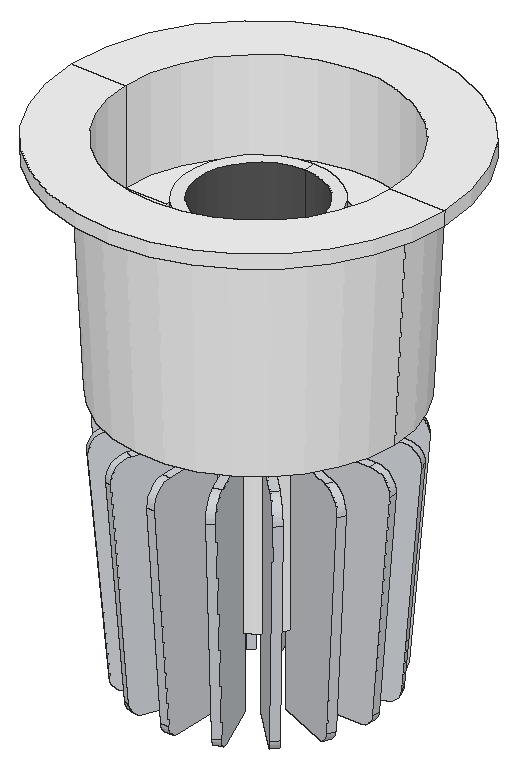
Revit family "2056212 Feilo Sylvania Lighting Fixture MYD ADJ WHT 4K PHDIM WHT BEZ", category Lighting Fixtures, host Face, Revit 2017
Family settings
  Host = Face
  Round Connector Dimension = Use Diameter
  Part Type = Normal
  OmniClass Number = 23.80.70.00
  OmniClass Title = Lighting
  Cut with Voids When Loaded = Yes
  Light Source = No
  Shared = No
  Room Calculation Point = No
Parameters
  Weight = "0.39 kg"
  Wattage Comments = "n/a"
  WarrantyStartDate [instance] = "n/a"
  WarrantyGuarantorParts = "n/a"
  WarrantyDurationUnit = "n/a"
  WarrantyDurationParts = "n/a"
  WarrantyDescription = "n/a"
  Voltage = 230 V
  VerticalTiltStart_FEILO [instance] = VerticalTilt_FEILO + 90.00°  # 90.00°
  VerticalTilt_FEILO [instance] = 0.00°
  URL = "http://www.sylvania-lighting.com"
  TypeName = "MYRIDSQ IP65 FLD 3K STD"
  Type Image = <None>
  Type Comments = "n/a"
  SphereRadius_FEILO = 27.4 mm
  SerialNumber [instance] = "n/a"
  ReflectorMaterial = Default
  PowerFactor = 0
  PowerConsumption = "10 W"
  NominalLength = 72 mm
  NominalHeight = 64 mm
  NominalDepth = 72 mm
  Name = "MYRIDSQ IP65 FLD 3K STD"
  ModelReference = Name  # "MYRIDSQ IP65 FLD 3K STD"
  ModelNumber = "2056380"
  Model = Name  # "MYRIDSQ IP65 FLD 3K STD"
  Material = "aluminium housing"
  ManufacturerName = "Feilo Sylvania"
  Manufacturer = "Feilo Sylvania"
  LuminousEfficacy = "117 lm/W"
  LuminaireType = ""
  LightOutputRatio = "100"
  LampsType = Lamp  # "LED"
  LampType_FEILO = MyriadAdjustableRoundLamp : 2056212 MYD ADJ WHT 4K PHDIM WHT BEZ
  LampNominalLuminous = "1165 lm"
  LampMacAdamStep = "n/a"
  LampColourTemperature = "3000 K"
  LampColourRenderingIndex = "0"
  Lamp = "LED"
  Keynote = "16500"
  InstallationDate [instance] = "n/a"
  InputVoltage = "230-240V~"
  InputNominalFrequency = "50/60 Hz"
  IngressProtection = "IP65"
  ImpactProtectionIndex = "IK02"
  IfcExportType = "IfcLightFixtureType"
  IfcExportAs = "IfcLightFixtureType"
  HorizontalTilt_FEILO [instance] = 0.00°
  ExpectedLife = 50000
  ElectricShockClassification = "Class II"
  DurationUnit = "hours"
  DocumentationLiterature = "http://www.sylvania-lighting.com/product/en-int/products/2056380"
  DimmingControlOptions = "Non dimmable"
  DiffuserMaterial = Default
  Description = ""
  Default Elevation = 1219.2 mm
  CreatedOn = "11/13/2017"
  CreatedBy = ""
  Cost = 0
  built-in parameter 1114216 [instance] = (empty or 0)
  ClassificationValue = "EF_70_80"
  ClassificationName = "Uniclass2015"
  BodyMaterial = Body-Sylvania-MyriadAdjustableRound-White
  BarCode [instance] = "n/a"
  AssetType = "Fixed"
  AssetIdentifier [instance] = "n/a"
  Assembly Code = "D5020200"
  Apparent Load = 10 VA
  AccessoryMaterial = Body-Sylvania-MyriadAdjustableRound-White
Reference planes
  plane 1 "Center (Front/Back)": y = 0
  plane 2: z = 0
  plane 3 "Center (Left/Right)": x = 0
  plane 4: z = 3.5
  plane 5: x = 38
  plane 6: x = -38
  plane 7: z = -120
  plane 8: x = -48
  plane 9: x = 48
  plane 10: z = -20
  plane 11: z = -55
  plane 12: x = -35
  plane 13: x = 35
  plane 14: x = -34
  plane 15: x = 34
  plane 16: z = -32
  plane 17: x = -25
  plane 18: x = 2.4
Forms (mm)
  Revolve 1, void
    sketch origin (0, 0, 0) x (1, 0, 0) y (0, 0, 1)
      loop
        line (-38, 0) -> (-38, -120) -> (0, -120) -> (0, 0) -> (-38, 0)
      axis (0, 0) -> (0, -120)
    angle from 360 to 0
  Revolve 2, solid, material "Body-Sylvania-MyriadAdjustableRound-White" <- "BodyMaterial"
    sketch origin (0, 0, 0) x (1, 0, 0) y (0, 0, 1)
      loop
        line (-34, -20) -> (-34, 3.5) -> (-48, 3.5) -> (-48, 0) -> (-38, 0) -> (-35, -55) -> (-25, -55) -> (-25, -32)
        arc (-25, -32) -> (-24.299, -25.843) -> (-22.232, -20) r 27.4
        line (-22.232, -20) -> (-34, -20)
      axis (0, 3.5) -> (0, -55)
    angle from 360 to 0
  Revolve 3, solid, not visible
    sketch origin (0, 0, 0) x (1, 0, 0) y (0, 0, 1)
      loop
        line (0, -32) -> (2.4, -32) -> (2.4, -20) -> (0, -20) -> (0, -32)
      axis (0, -20) -> (0, -32)
    angle from 90 <- "VerticalTiltStart_FEILO" to 0 <- "VerticalTilt_FEILO"
Lines and regions (mm)
  reference lines
    curve 1: circle (2.4, 0, -32) r 27.4 normal (0, -1, 0)
Dimensions and locks
  locked: plane 4 to plane 2 at 3.5
  plane 2 to plane 7 = 120 mm
  equal spacing: plane 5, plane 3 "Center (Left/Right)", plane 6
  locked: plane 3 "Center (Left/Right)" to plane 6 at 38
  equal spacing: plane 9, plane 3 "Center (Left/Right)", plane 8
  locked: plane 6 to plane 8 at 10
  locked: plane 2 to plane 10 at 20
  locked: plane 2 to plane 11 at 55
  equal spacing: plane 13, plane 3 "Center (Left/Right)", plane 12
  locked: plane 12 to plane 6 at 3
  equal spacing: plane 15, plane 3 "Center (Left/Right)", plane 14
  locked: plane 3 "Center (Left/Right)" to plane 14 at 34
  locked: plane 3 "Center (Left/Right)" to plane 17 at 25
  locked: plane 18 to plane 17 at 27.4
  locked: plane 10 to plane 16 at 12
  "SphereRadius_FEILO": radius of curve 1
  "SphereRadius_FEILO": radius of Revolve 2 sketch curve
  aligned and locked: plane 2 to host face
  aligned and locked: level to host face
  aligned and locked: Revolve 1 sketch curve to plane 3 "Center (Left/Right)"  (x2)
  aligned and locked: Revolve 1 sketch curve to level
  aligned and locked: plane 6 to Revolve 1 sketch curve
  aligned and locked: Revolve 1 sketch curve to plane 7
  aligned and locked: plane 14 to Revolve 2 sketch curve
  aligned and locked: Revolve 2 sketch curve to plane 4
  aligned and locked: Revolve 2 sketch curve to plane 8
  aligned and locked: Revolve 2 sketch curve to level
  aligned and locked: Revolve 2 sketch curve to plane 3 "Center (Left/Right)"
  aligned and locked: plane 18 to curve 1
  aligned and locked: plane 16 to curve 1
  aligned and locked: plane 10 to Revolve 2 sketch curve
  aligned and locked: plane 11 to Revolve 2 sketch curve
  aligned and locked: Revolve 2 sketch curve to plane 17
  aligned and locked: plane 16 to Revolve 3 sketch curve
  aligned and locked: Revolve 3 sketch curve to plane 3 "Center (Left/Right)"  (x2)
  aligned and locked: Revolve 3 sketch curve to plane 10
  aligned and locked: plane 18 to Revolve 3 sketch curve
  aligned and locked: nested 1 to plane 16
Automatic sketch dimensions
  host sketch curve to host sketch curve = 2438.4 mm  (x2)
  plane 7 to Revolve 1 sketch curve = 489.6 mm
  Revolve 1 sketch curve to plane 4 = 2604.058 mm
  Revolve 2 sketch curve to plane 6 = 0 mm
  Revolve 2 sketch curve to plane 12 = 0 mm
  Revolve 2 sketch curve to plane 16 = 0 mm
  plane 7 to Revolve 2 sketch curve = 489.6 mm
  Revolve 2 sketch curve to plane 4 = 2604.058 mm
  plane 7 to Revolve 3 sketch curve = 489.6 mm
  Revolve 3 sketch curve to plane 4 = 2605.558 mm
Nested families
  nested 1: "rev_horizontal" at (0, 0, -32) x (1, 0, 0) z (0, -1, 0), HorizontalAxis <- "HorizontalTilt_FEILO", type "rev_horizontal", not visible
    with HorizontalAxis 0.00°, EndAngle 90.00°
  nested 2: "MyriadAdjustableRoundLamp" at (0, 0, -32) x (0, -1, 0) z (0, 0, -1), type <- "LampType_FEILO", type "2056212 MYD ADJ WHT 4K PHDIM WHT BEZ"
  nested 3: "Rib" at (0, 0, -10.5) x (0, -1, 0) z (0, 0, -1), type "Rib"
  nested 4: "Rib" at (0, 0, -10.5) x (0.7071, -0.7071, 0) z (0, 0, -1), type "Rib"
  nested 5: "Rib" at (0, 0, -10.5) x (1, 0, 0) z (0, 0, -1), type "Rib"
  nested 6: "Rib" at (0, 0, -10.5) x (0.7071, 0.7071, 0) z (0, 0, -1), type "Rib"
  nested 7: "Rib" at (0, 0, -10.5) x (0, 1, 0) z (0, 0, -1), type "Rib"
  nested 8: "Rib" at (0, 0, -10.5) x (-0.7071, 0.7071, 0) z (0, 0, -1), type "Rib"
  nested 9: "Rib" at (0, 0, -10.5) x (-1, 0, 0) z (0, 0, -1), type "Rib"
  nested 10: "Rib" at (0, 0, -10.5) x (-0.7071, -0.7071, 0) z (0, 0, -1), type "Rib"
  nested 11: "Rib" at (0, 0, -10.5) x (0.3827, -0.9239, 0) z (0, 0, -1), type "Rib"
  nested 12: "Rib" at (0, 0, -10.5) x (0.9239, -0.3827, 0) z (0, 0, -1), type "Rib"
  nested 13: "Rib" at (0, 0, -10.5) x (0.9239, 0.3827, 0) z (0, 0, -1), type "Rib"
  nested 14: "Rib" at (0, 0, -10.5) x (0.3827, 0.9239, 0) z (0, 0, -1), type "Rib"
  nested 15: "Rib" at (0, 0, -10.5) x (-0.3827, 0.9239, 0) z (0, 0, -1), type "Rib"
  nested 16: "Rib" at (0, 0, -10.5) x (-0.9239, 0.3827, 0) z (0, 0, -1), type "Rib"
  nested 17: "Rib" at (0, 0, -10.5) x (-0.9239, -0.3827, 0) z (0, 0, -1), type "Rib"
  nested 18: "Rib" at (0, 0, -10.5) x (-0.3849, -0.923, 0) z (0, 0, -1), type "Rib"
Connectors
  electrical at (0, 0, 0), driven by "Apparent Load", driven by "PowerFactor", driven by "Voltage"
    settings: index 1, voltage 230 V, apparent load 10 VA, apparent load phase1 0 VA, apparent load phase2 0 VA, apparent load phase3 0 VA, power factor 0, load classification "Lighting", number of poles 1, system type 30, power factor state 1, is connector primary yes, connector utility no, sub classification motor no, connector description ""
Definition of nested family "rev_horizontal"
  Parameters (values of type "rev_horizontal")
    URL = "http://www.feilosylvania.com"
    Type Comments = "n/a"
    ReflectorMaterial = none
    Model = "n/a"
    Manufacturer = "Feilo Sylvania"
    Keynote = "n/a"
    HorizontalAxis [instance] = 0.00°
    EndAngle [instance] = HorizontalAxis + 90.00°  # 90.00°
    DiffuserMaterial = none
    Description = "n/a"
    Default Elevation = 1219.2 mm
    Cost = 0
    BodyMaterial = none
    Assembly Code = "n/a"
    AccessoryMaterial = none
  Reference planes
    plane 1 "Center (Front/Back)": y = 0
    plane 2: z = 0
    plane 3 "Center (Left/Right)": x = 0
    plane 4: z = 10
    plane 5: x = -10
    plane 6: x = 10
  Forms (mm)
    Extrusion 1, solid
      sketch origin (-0.8, 0, 0) x (1, 0, 0) y (0, 1, 0)
        loop
          line (-1219.2, 1219.2) -> (-1219.2, -1219.2) -> (1219.2, -1219.2) -> (1219.2, 1219.2) -> (-1219.2, 1219.2)
      from 0 to -304.8
    Revolve 2, solid
      sketch origin (0, 0, 0) x (1, 0, 0) y (0, 0, 1)
        loop
          line (-10, 10) -> (-10, 0) -> (10, 0) -> (10, 10) -> (-10, 10)
        axis (-10, 0) -> (10, 0)
      angle from 0 <- "HorizontalAxis" to 90 <- "EndAngle"
  Dimensions and locks
    plane 4 to plane 2 = 10 mm
    aligned and locked: plane 2 to Extrusion 1
    aligned and locked: level to Extrusion 1
    aligned and locked: Revolve 2 sketch curve to plane 4
    aligned and locked: plane 5 to Revolve 2 sketch curve
    aligned and locked: Extrusion 1 to Revolve 2 sketch curve
    aligned and locked: Revolve 2 sketch curve to plane 2
    aligned and locked: Revolve 2 sketch curve to plane 6
Definition of nested family "MyriadAdjustableRoundLamp"
  Parameters (values of type "2056208 MYD ADJ WHT 3K PHDIM WHT BEZ")
    Wattage = 10 W
    built-in parameter 1150110 = 1 (stored number, unit not read)
    URL = "http://www.feilosylvania.com"
    Type Comments = "n/a"
    built-in parameter 1114217 = 1 (stored number, unit not read)
    Tilt Angle = 90.00°
    built-in parameter 1150109 = 1 (stored number, unit not read)
    built-in parameter 1150134 = (empty or 0)
    built-in parameter 1150113 = 1 (stored number, unit not read)
    ReflectorMaterial = none
    Photometric Web File = "2056208.ies"
    Model = "n/a"
    Manufacturer = "Feilo Sylvania"
    built-in parameter 1150105 = 55.704 (stored number, unit not read)
    Lumens = 700 lm
    built-in parameter 1150115 = 1 (stored number, unit not read)
    built-in parameter 1150137 = (empty or 0)
    built-in parameter 1150139 = (empty or 0)
    built-in parameter 1150112 = 1 (stored number, unit not read)
    built-in parameter 1150114 = 1 (stored number, unit not read)
    Keynote = "n/a"
    built-in parameter 1150132 = (empty or 0)
    built-in parameter 1150102 = (empty or 0)
    built-in parameter 1150107 = 3000 (stored number, unit not read)
    built-in parameter 1150138 = (empty or 0)
    built-in parameter 1150106 = 0.55704 (stored number, unit not read)
    Emit from Circle Diameter = 30 mm
    Emit Shape Visible in Rendering = no
    built-in parameter 1150104 = 6.5032 (stored number, unit not read)
    Dimming Lamp Color Temperature Shift = (empty or 0)
    DiffuserMaterial = none
    Description = "n/a"
    Default Elevation = 1219.2 mm
    Cost = 0
    Color Filter = 16777215
    BodyMaterial = none
    built-in parameter 1114218 = 1 (stored number, unit not read)
    built-in parameter 1150133 = 10 (stored number, unit not read)
    Assembly Code = "n/a"
    AccessoryMaterial = none
  Types (24, lengths in mm): name | Wattage | built-in parameter 1150134 | Photometric Web File | built-in parameter 1150105 | Lumens | built-in parameter 1150107 | built-in parameter 1150106 | built-in parameter 1150104
    2058036 MYRD AD BLK 2.7K DALI SIL BZ | 15 W | (empty or 0) | "2058036.ies" | 41.898 (stored number, unit not read) | 526.5 lm | 2700 (stored number, unit not read) | 0.41898 (stored number, unit not read) | 3.2609 (stored number, unit not read)
    2058035 MYRD AD BLK 2.7K PHDIM SIL BZ | 15 W | (empty or 0) | "2058035.ies" | 41.898 (stored number, unit not read) | 526.5 lm | 2700 (stored number, unit not read) | 0.41898 (stored number, unit not read) | 3.2609 (stored number, unit not read)
    2058034 MYRD AD BLK 2.7K DALI WHT BZ | 15 W | (empty or 0) | "2058034.ies" | 41.898 (stored number, unit not read) | 526.5 lm | 2700 (stored number, unit not read) | 0.41898 (stored number, unit not read) | 3.2609 (stored number, unit not read)
    2058033 MYRD AD BLK 2.7K PHDIM WHT BZ | 15 W | (empty or 0) | "2058033.ies" | 41.898 (stored number, unit not read) | 526.5 lm | 2700 (stored number, unit not read) | 0.41898 (stored number, unit not read) | 3.2609 (stored number, unit not read)
    2058032 MYRD AD WHT 2.7K DALI SIL BZ | 15 W | (empty or 0) | "2058032.ies" | 41.898 (stored number, unit not read) | 526.5 lm | 2700 (stored number, unit not read) | 0.41898 (stored number, unit not read) | 3.2609 (stored number, unit not read)
    2058031 MYRD AD WHT 2.7K PHDIM SIL BZ | 15 W | (empty or 0) | "2058031.ies" | 41.898 (stored number, unit not read) | 526.5 lm | 2700 (stored number, unit not read) | 0.41898 (stored number, unit not read) | 3.2609 (stored number, unit not read)
    2058030 MYRD AD WHT 2.7K DALI WHT BZ | 15 W | (empty or 0) | "2058030.ies" | 41.898 (stored number, unit not read) | 526.5 lm | 2700 (stored number, unit not read) | 0.41898 (stored number, unit not read) | 3.2609 (stored number, unit not read)
    2058029 MYRD AD WHT 2.7K PHDIM WHT BZ | 15 W | (empty or 0) | "2058029.ies" | 41.898 (stored number, unit not read) | 526.5 lm | 2700 (stored number, unit not read) | 0.41898 (stored number, unit not read) | 3.2609 (stored number, unit not read)
    2056223 MYD ADJ BLK 4K DALI SIL BEZ | 10 W | 12 | "2056223.ies" | 54.113 (stored number, unit not read) | 680 lm | 4000 (stored number, unit not read) | 0.54113 (stored number, unit not read) | 6.3174 (stored number, unit not read)
    2056222 MYD ADJ BLK 4K PHDIM SIL BZ | 10 W | 12 | "2056222.ies" | 54.113 (stored number, unit not read) | 680 lm | 4000 (stored number, unit not read) | 0.54113 (stored number, unit not read) | 6.3174 (stored number, unit not read)
    2056221 MYD ADJ BLK 4K DALII WHT BEZ | 10 W | 12 | "2056221.ies" | 54.113 (stored number, unit not read) | 680 lm | 4000 (stored number, unit not read) | 0.54113 (stored number, unit not read) | 6.3174 (stored number, unit not read)
    2056220 MYD ADJ BLK 4K PHDIM WHT BEZ | 10 W | 12 | "2056220.ies" | 54.113 (stored number, unit not read) | 680 lm | 4000 (stored number, unit not read) | 0.54113 (stored number, unit not read) | 6.3174 (stored number, unit not read)
    2056219 MYD ADJ BLK 3K DALI SIL BEZ | 10 W | (empty or 0) | "2056219.ies" | 55.704 (stored number, unit not read) | 700 lm | 3000 (stored number, unit not read) | 0.55704 (stored number, unit not read) | 6.5032 (stored number, unit not read)
    2056218 MYD ADJ BLK 3K PHDIM SIL BEZ | 10 W | (empty or 0) | "2056218.ies" | 55.704 (stored number, unit not read) | 700 lm | 3000 (stored number, unit not read) | 0.55704 (stored number, unit not read) | 6.5032 (stored number, unit not read)
    2056217 MYD ADJ BLK 3K DALI WHT BEZ | 10 W | (empty or 0) | "2056217.ies" | 55.704 (stored number, unit not read) | 700 lm | 3000 (stored number, unit not read) | 0.55704 (stored number, unit not read) | 6.5032 (stored number, unit not read)
    2056216 MYD ADJ BLK 3K PHDIM WHT BEZ | 10 W | (empty or 0) | "2056216.ies" | 55.704 (stored number, unit not read) | 700 lm | 3000 (stored number, unit not read) | 0.55704 (stored number, unit not read) | 6.5032 (stored number, unit not read)
    2056215 MYD ADJ WHT 4K DALI SIL BEZ | 10 W | 12 | "2056215.ies" | 54.113 (stored number, unit not read) | 680 lm | 4000 (stored number, unit not read) | 0.54113 (stored number, unit not read) | 6.3174 (stored number, unit not read)
    2056214 MYD ADJ WHT 4K PHDIM SIL BEZ | 10 W | 12 | "2056214.ies" | 54.113 (stored number, unit not read) | 680 lm | 4000 (stored number, unit not read) | 0.54113 (stored number, unit not read) | 6.3174 (stored number, unit not read)
    2056213 MYD ADJ WHT 4K DALI WHT BEZ | 10 W | 12 | "2056213.ies" | 54.113 (stored number, unit not read) | 680 lm | 4000 (stored number, unit not read) | 0.54113 (stored number, unit not read) | 6.3174 (stored number, unit not read)
    2056212 MYD ADJ WHT 4K PHDIM WHT BEZ | 10 W | 12 | "2056212.ies" | 54.113 (stored number, unit not read) | 680 lm | 4000 (stored number, unit not read) | 0.54113 (stored number, unit not read) | 6.3174 (stored number, unit not read)
    2056211 MYD ADJ WHT 3K DALI SIL BEZ | 10 W | (empty or 0) | "2056211.ies" | 55.704 (stored number, unit not read) | 700 lm | 3000 (stored number, unit not read) | 0.55704 (stored number, unit not read) | 6.5032 (stored number, unit not read)
    2056210 MYD ADJ WHT 3K PHDIM SIL BEZ | 10 W | (empty or 0) | "2056210.ies" | 55.704 (stored number, unit not read) | 700 lm | 3000 (stored number, unit not read) | 0.55704 (stored number, unit not read) | 6.5032 (stored number, unit not read)
    2056209 MYD ADJ WHT 3K DALI WHT BEZ | 10 W | (empty or 0) | "2056209.ies" | 55.704 (stored number, unit not read) | 700 lm | 3000 (stored number, unit not read) | 0.55704 (stored number, unit not read) | 6.5032 (stored number, unit not read)
    2056208 MYD ADJ WHT 3K PHDIM WHT BEZ | 10 W | (empty or 0) | "2056208.ies" | 55.704 (stored number, unit not read) | 700 lm | 3000 (stored number, unit not read) | 0.55704 (stored number, unit not read) | 6.5032 (stored number, unit not read)
  Reference planes
    plane 1 "Center (Front/Back)": y = 0
    plane 2: z = 0
    plane 3 "Center (Left/Right)": x = 0
    plane 4: x = -35
    plane 5: x = -12
    plane 6: x = -14.8
    plane 7: x = -25
    plane 8: x = -17.8
    plane 9: z = -18.5
    plane 10: z = 18.5
    plane 11: z = 29.5
    plane 12: z = 70.5
    plane 13: z = 89.5
    plane 14: z = 0
    plane 15: z = -6.5
    plane 16: x = -30
    plane 17: z = -21.5
  Forms (mm)
    Extrusion 1, solid
      sketch origin (-0.8, 0, 0) x (1, 0, 0) y (0, 1, 0)
        loop
          line (-1219.2, 1219.2) -> (-1219.2, -1219.2) -> (1219.2, -1219.2) -> (1219.2, 1219.2) -> (-1219.2, 1219.2)
      from 0 to -304.8
    Revolve 2, solid, material <- "BodyMaterial"
      sketch origin (0, 0, 0) x (1, 0, 0) y (0, 0, 1)
        loop
          line (-14.8, -21.5) -> (-14.8, -6.5) -> (0, -6.5) -> (0, 29.5) -> (-12, 29.5) -> (-12, 70.5) -> (-14.8, 70.5) -> (-14.8, 18.5) -> (-17.8, 18.5)
          arc (-17.8, 18.5) -> (-25, 0) -> (-17.8, -18.5) r 27.367
          line (-17.8, -18.5) -> (-17.8, -21.5) -> (-14.8, -21.5)
        axis (0, 70.5) -> (0, -21.5)
      angle from 0 to 360
    Revolve 3, solid, material <- "BodyMaterial", detail levels coarse+medium
      sketch origin (0, 0, 0) x (1, 0, 0) y (0, 0, 1)
        loop
          line (0, 29.5) -> (0, 89.5) -> (-30, 89.5) -> (-35, 29.5) -> (0, 29.5)
        axis (0, 89.5) -> (0, 29.5)
      angle from 0 to 360
  Lines and regions (mm)
    reference lines
      curve 1: line (0, 0, 0) -> (-32.336, 13.394, 0)
      curve 2: circle (0, 0, 0) r 35 normal (0, 0, 1)
      curve 3: line (0, 0, 0) -> (-24.749, 24.749, 0)
      curve 4: line (0, 0, 0) -> (-13.394, 32.336, 0)
      curve 5: line (0, 0, 0) -> (13.394, 32.336, 0)
      curve 6: line (0, 0, 0) -> (24.749, 24.749, 0)
      curve 7: line (0, 0, 0) -> (32.336, 13.394, 0)
      curve 8: line (0, 0, 0) -> (32.336, -13.394, 0)
      curve 9: line (0, 0, 0) -> (24.749, -24.749, 0)
      curve 10: line (0, 0, 0) -> (13.394, -32.336, 0)
      curve 11: line (0, 0, 0) -> (-13.394, -32.336, 0)
      curve 12: line (0, 0, 0) -> (-24.749, -24.749, 0)
      curve 13: line (0, 0, 0) -> (-32.336, -13.394, 0)
  Dimensions and locks
    locked: plane 3 "Center (Left/Right)" to plane 4 at 35
    locked: plane 3 "Center (Left/Right)" to plane 5 at 12
    locked: plane 3 "Center (Left/Right)" to plane 6 at 14.8
    locked: plane 3 "Center (Left/Right)" to plane 7 at 25
    locked: plane 3 "Center (Left/Right)" to plane 8 at 17.8
    equal spacing: plane 10, plane 14, plane 9, locked at 18.5 each
    locked: plane 3 "Center (Left/Right)" to plane 16 at 30
    locked: plane 9 to plane 17 at 3
    locked: plane 15 to plane 17 at 15
    locked: plane 10 to plane 17 at 40
    locked: plane 11 to plane 17 at 51
    locked: plane 12 to plane 17 at 92
    locked: plane 13 to plane 17 at 111
    radius of curve 2 = 35 mm
    angle curve 3 to plane 1 "Center (Front/Back)" = 45.00°
    angle curve 4 to plane 1 "Center (Front/Back)" = 67.50°
    angle plane 1 "Center (Front/Back)" to curve 5 = 67.50°
    angle plane 1 "Center (Front/Back)" to curve 6 = 45.00°
    angle plane 1 "Center (Front/Back)" to curve 7 = 22.50°
    angle curve 8 to plane 1 "Center (Front/Back)" = 22.50°
    angle curve 9 to plane 1 "Center (Front/Back)" = 45.00°
    angle curve 10 to plane 1 "Center (Front/Back)" = 67.50°
    angle curve 11 to plane 3 "Center (Left/Right)" = 22.50°
    angle curve 12 to plane 3 "Center (Left/Right)" = 45.00°
    angle curve 13 to plane 3 "Center (Left/Right)" = 67.50°
    aligned and locked: plane 2 to Extrusion 1
    aligned and locked: level to Extrusion 1
    aligned and locked: Revolve 2 sketch curve to plane 3 "Center (Left/Right)"  (x2)
    aligned and locked: plane 8 to Revolve 2 sketch curve  (x2)
    aligned and locked: plane 10 to Revolve 2 sketch curve
    aligned and locked: plane 6 to Revolve 2 sketch curve  (x2)
    aligned and locked: plane 12 to Revolve 2 sketch curve
    aligned and locked: Revolve 2 sketch curve to plane 5
    aligned and locked: plane 3 "Center (Left/Right)" to Revolve 2 sketch curve
    aligned and locked: plane 11 to Revolve 2 sketch curve
    aligned and locked: plane 3 "Center (Left/Right)" to curve 1
    aligned and locked: plane 3 "Center (Left/Right)" to curve 2
    aligned and locked: Revolve 3 sketch curve to plane 3 "Center (Left/Right)"
    aligned and locked: plane 13 to Revolve 3 sketch curve
    aligned and locked: plane 14 to level
    aligned and locked: plane 17 to Revolve 2 sketch curve
    aligned and locked: plane 15 to Revolve 2 sketch curve
    aligned and locked: plane 1 "Center (Front/Back)" to nested 1
    aligned and locked: nested 2 to curve 6
    aligned and locked: nested 2 to curve 3
    aligned and locked: plane 1 "Center (Front/Back)" to nested 3
    aligned and locked: nested 3 to plane 3 "Center (Left/Right)"
    aligned and locked: nested 4 to curve 3
    aligned and locked: nested 4 to curve 6
    aligned and locked: nested 5 to plane 3 "Center (Left/Right)"
    aligned and locked: nested 5 to plane 1 "Center (Front/Back)"
    aligned and locked: nested 6 to nested 2  (x2)
    aligned and locked: nested 7 to plane 1 "Center (Front/Back)"
    aligned and locked: plane 3 "Center (Left/Right)" to nested 7
    aligned and locked: nested 8 to nested 4  (x2)
    aligned and locked: nested 9 to curve 5
    aligned and locked: nested 9 to curve 1
    aligned and locked: nested 10 to curve 7
    aligned and locked: nested 10 to curve 4
    aligned and locked: nested 11 to curve 8
    aligned and locked: nested 11 to curve 5
    aligned and locked: nested 12 to curve 10
    aligned and locked: nested 12 to curve 7
    aligned and locked: nested 13 to nested 9  (x2)
    aligned and locked: nested 14 to nested 10  (x2)
    aligned and locked: nested 15 to curve 8
    aligned and locked: nested 15 to curve 11
    aligned and locked: imposter light to plane 1 "Center (Front/Back)"
    aligned and locked: plane 3 "Center (Left/Right)" to imposter light
    aligned and locked: imposter light to plane 17
  Automatic sketch dimensions
    Extrusion 1 sketch curve to Extrusion 1 sketch curve = 2438.4 mm  (x2)
    plane 1 "Center (Front/Back)" to curve 2 = 0 mm
    plane 1 "Center (Front/Back)" to curve 11 = 0 mm
    curve 1 to plane 16 = 2.336 mm
    Revolve 3 sketch curve to level = 609.6 mm
    Revolve 3 sketch curve to Revolve 3 sketch curve = 2498.058 mm
    Revolve 3 sketch curve to plane 4 = 0 mm
    Revolve 3 sketch curve to plane 16 = 0 mm
    Revolve 3 sketch curve to plane 3 "Center (Left/Right)" = 0 mm
    Revolve 3 sketch curve to plane 11 = 0 mm
    Revolve 2 sketch curve to level = 0 mm
    plane 3 "Center (Left/Right)" to Revolve 2 sketch curve = 2.367 mm
    Revolve 2 sketch curve to plane 17 = 588.1 mm
    Revolve 2 sketch curve to plane 13 = 2498.058 mm
  Nested families
    nested 1: "Rib" at (0, 0, -21.5), type "Rib", detail levels fine
    nested 2: "Rib" at (0, 0, -21.5) x (0.7071, -0.7071, 0) z (0, 0, 1), type "Rib", detail levels fine
    nested 3: "Rib" at (0, 0, -21.5) x (0, -1, 0) z (0, 0, 1), type "Rib", detail levels fine
    nested 4: "Rib" at (0, 0, -21.5) x (-0.7071, -0.7071, 0) z (0, 0, 1), type "Rib", detail levels fine
    nested 5: "Rib" at (0, 0, -21.5) x (-1, 0, 0) z (0, 0, 1), type "Rib", detail levels fine
    nested 6: "Rib" at (0, 0, -21.5) x (-0.7071, 0.7071, 0) z (0, 0, 1), type "Rib", detail levels fine
    nested 7: "Rib" at (0, 0, -21.5) x (0, 1, 0) z (0, 0, 1), type "Rib", detail levels fine
    nested 8: "Rib" at (0, 0, -21.5) x (0.7071, 0.7071, 0) z (0, 0, 1), type "Rib", detail levels fine
    nested 9: "Rib" at (0, 0, -21.5) x (0.9239, -0.3827, 0) z (0, 0, 1), type "Rib", detail levels fine
    nested 10: "Rib" at (0, 0, -21.5) x (0.3827, -0.9239, 0) z (0, 0, 1), type "Rib", detail levels fine
    nested 11: "Rib" at (0, 0, -21.5) x (-0.3827, -0.9239, 0) z (0, 0, 1), type "Rib", detail levels fine
    nested 12: "Rib" at (0, 0, -21.5) x (-0.9239, -0.3827, 0) z (0, 0, 1), type "Rib", detail levels fine
    nested 13: "Rib" at (0, 0, -21.5) x (-0.9239, 0.3827, 0) z (0, 0, 1), type "Rib", detail levels fine
    nested 14: "Rib" at (0, 0, -21.5) x (-0.3827, 0.9239, 0) z (0, 0, 1), type "Rib", detail levels fine
    nested 15: "Rib" at (0, 0, -21.5) x (0.3827, 0.9239, 0) z (0, 0, 1), type "Rib", detail levels fine
    nested 16: "Rib" at (0, 0, -21.5) x (0.923, 0.3849, 0) z (0, 0, 1), type "Rib", detail levels fine
  Definition of nested family "Rib"
    Parameters (values of type "Rib")
      URL = "http://www.feilosylvania.com"
      Type Comments = "n/a"
      ReflectorMaterial = none
      Model = "n/a"
      Manufacturer = "Feilo Sylvania"
      Keynote = "n/a"
      DiffuserMaterial = none
      Description = "n/a"
      Default Elevation = 1219.2 mm
      Cost = 0
      BodyMaterial = none
      Assembly Code = "n/a"
      AccessoryMaterial = none
    Reference planes
      plane 1 "Center (Front/Back)": y = 0
      plane 2: z = 0
      plane 3 "Center (Left/Right)": x = 0
      plane 4: x = -35
      plane 5: x = -30
      plane 6: x = -13
      plane 7: z = 51
      plane 8: z = 111
      plane 9: y = 1
      plane 10: y = -1
    Forms (mm)
      Extrusion 1, solid
        sketch origin (-0.8, 0, 0) x (1, 0, 0) y (0, 1, 0)
          loop
            line (-1219.2, 1219.2) -> (-1219.2, -1219.2) -> (1219.2, -1219.2) -> (1219.2, 1219.2) -> (-1219.2, 1219.2)
        from 0 to -304.8
      Extrusion 2, solid, material <- "BodyMaterial"
        sketch origin (0, 0, 0) x (1, 0, 0) y (0, 0, 1)
          loop
            line (-13, 111) -> (-27.182, 111)
            arc (-27.182, 111) -> (-29.214, 110.208) -> (-30.172, 108.249) r 3
            line (-30.172, 108.249) -> (-34.491, 56.415)
            arc (-34.491, 56.415) -> (-33.188, 52.614) -> (-29.509, 51) r 5
            line (-29.509, 51) -> (-13, 51) -> (-13, 111)
        from -1 to 1
    Dimensions and locks
      locked: plane 7 to plane 2 at 51
      locked: plane 8 to plane 2 at 111
      locked: plane 3 "Center (Left/Right)" to plane 6 at 13
      locked: plane 3 "Center (Left/Right)" to plane 5 at 30
      locked: plane 3 "Center (Left/Right)" to plane 4 at 35
      equal spacing: plane 10, plane 1 "Center (Front/Back)", plane 9, locked at 1 each
      locked: plane 10 to plane 9 at 2
      aligned and locked: plane 2 to Extrusion 1
      aligned and locked: level to Extrusion 1
      aligned and locked: plane 8 to Extrusion 2 sketch curve  (x2)
      aligned and locked: Extrusion 2 sketch curve to plane 6
      aligned and locked: Extrusion 2 sketch curve to plane 7
      aligned and locked: Extrusion 2 to plane 9
      aligned and locked: plane 10 to Extrusion 2
    Automatic sketch dimensions
      Extrusion 1 sketch curve to Extrusion 1 sketch curve = 2438.4 mm  (x2)
      Extrusion 2 sketch curve to plane 6 = 0 mm
      plane 5 to Extrusion 2 sketch curve = 2.818 mm
      plane 5 to Extrusion 2 sketch curve = 0.491 mm
      Extrusion 2 sketch curve to plane 5 = 0.172 mm
      plane 4 to Extrusion 2 sketch curve = 0.509 mm
      Extrusion 2 sketch curve to Extrusion 2 sketch curve = 5 mm
      Extrusion 2 sketch curve to Extrusion 2 sketch curve = 3 mm
Definition of nested family "Rib"
  Parameters (values of type "Rib")
    URL = "http://www.feilosylvania.com"
    Type Comments = "n/a"
    ReflectorMaterial = none
    Model = "n/a"
    Manufacturer = "Feilo Sylvania"
    Keynote = "n/a"
    DiffuserMaterial = none
    Description = "n/a"
    Default Elevation = 1219.2 mm
    Cost = 0
    BodyMaterial = none
    Assembly Code = "n/a"
    AccessoryMaterial = none
  Reference planes
    plane 1 "Center (Front/Back)": y = 0
    plane 2: z = 0
    plane 3 "Center (Left/Right)": x = 0
    plane 4: x = -35
    plane 5: x = -30
    plane 6: x = -13
    plane 7: z = 51
    plane 8: z = 111
    plane 9: y = 1
    plane 10: y = -1
  Forms (mm)
    Extrusion 1, solid
      sketch origin (-0.8, 0, 0) x (1, 0, 0) y (0, 1, 0)
        loop
          line (-1219.2, 1219.2) -> (-1219.2, -1219.2) -> (1219.2, -1219.2) -> (1219.2, 1219.2) -> (-1219.2, 1219.2)
      from 0 to -304.8
    Extrusion 2, solid, material <- "BodyMaterial"
      sketch origin (0, 0, 0) x (1, 0, 0) y (0, 0, 1)
        loop
          line (-13, 111) -> (-27.182, 111)
          arc (-27.182, 111) -> (-29.214, 110.208) -> (-30.172, 108.249) r 3
          line (-30.172, 108.249) -> (-34.491, 56.415)
          arc (-34.491, 56.415) -> (-33.188, 52.614) -> (-29.509, 51) r 5
          line (-29.509, 51) -> (-13, 51) -> (-13, 111)
      from -1 to 1
  Dimensions and locks
    locked: plane 7 to plane 2 at 51
    locked: plane 8 to plane 2 at 111
    locked: plane 3 "Center (Left/Right)" to plane 6 at 13
    locked: plane 3 "Center (Left/Right)" to plane 5 at 30
    locked: plane 3 "Center (Left/Right)" to plane 4 at 35
    equal spacing: plane 10, plane 1 "Center (Front/Back)", plane 9, locked at 1 each
    locked: plane 10 to plane 9 at 2
    aligned and locked: plane 2 to Extrusion 1
    aligned and locked: level to Extrusion 1
    aligned and locked: plane 8 to Extrusion 2 sketch curve  (x2)
    aligned and locked: Extrusion 2 sketch curve to plane 6
    aligned and locked: Extrusion 2 sketch curve to plane 7
    aligned and locked: Extrusion 2 to plane 9
    aligned and locked: plane 10 to Extrusion 2
  Automatic sketch dimensions
    Extrusion 1 sketch curve to Extrusion 1 sketch curve = 2438.4 mm  (x2)
    Extrusion 2 sketch curve to plane 6 = 0 mm
    plane 5 to Extrusion 2 sketch curve = 2.818 mm
    plane 5 to Extrusion 2 sketch curve = 0.491 mm
    Extrusion 2 sketch curve to plane 5 = 0.172 mm
    plane 4 to Extrusion 2 sketch curve = 0.509 mm
    Extrusion 2 sketch curve to Extrusion 2 sketch curve = 5 mm
    Extrusion 2 sketch curve to Extrusion 2 sketch curve = 3 mm
